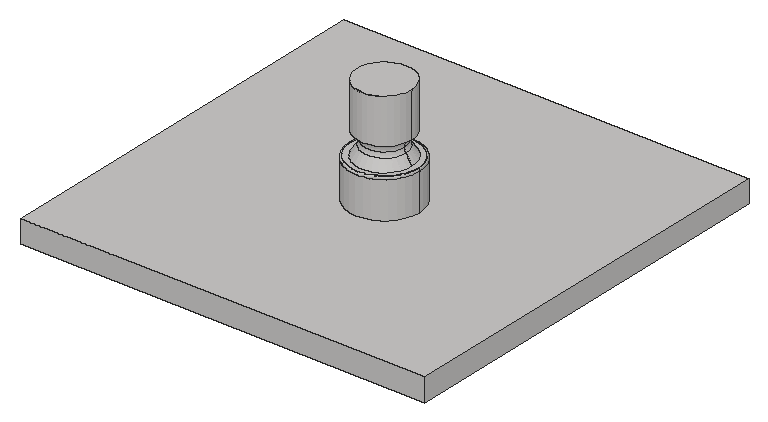
Revit family "S-2763", category Plumbing Fixtures, Revit 2023
Family settings
  Round Connector Dimension = Use Diameter
  Part Type = Normal
  OmniClass Number = 23.45.00.00
  OmniClass Title = Sanitary, Laundry, and Cleaning Equipment
  Work Plane-Based = No
  Enable Cutting in Views = No
  Always vertical = Yes
  Cut with Voids When Loaded = No
  Maintain Annotation Orientation = No
  Shared = No
  Room Calculation Point = No
Parameters
  Default Elevation = 0' - 0"
Reference planes (in)
  plane 1 "Center (Front/Back)": y = 0
  plane 2: z = 0
  plane 3 "Center (Left/Right)": x = 0
  plane 4: x = -3.875
  plane 5: x = 3.875
  plane 6: y = 3.875
  plane 7: y = -3.875
  plane 8: z = 0.4375
  plane 9: z = 2.48572
  plane 10: z = -0.13928
Forms (in)
  Extrusion 1, solid, material "Metal Silverr"
    sketch origin (0, 0, 0) x (1, 0, 0) y (0, 1, 0)
      loop
        line (-3.875, 3.875) -> (-3.875, -3.875) -> (3.875, -3.875) -> (3.875, 3.875) -> (-3.875, 3.875)
    from 0 to 0.4375
  Extrusion 2, solid, material "Metal Silverr"
    sketch origin (0, 0, 0) x (1, 0, 0) y (0, 1, 0)
      loop
        circle (0, 0) r 0.52384
    from 1.63174 to 2.48572
  Extrusion 3, solid, material "Metal Silverr"
    sketch origin (0, 0, 0) x (1, 0, 0) y (0, 1, 0)
      loop
        circle (0, 0) r 0.67342
    from 0.4375 to 1.14296
  Revolve 4, solid, not visible
    sketch origin (0, 3.56522, 0) x (1, 0, 0) y (0, 0, 1)
      loop
        line (-3.76066, 0) -> (-3.76066, -0.09196) -> (-3.72553, -0.09196) -> (-3.72553, -0.13928) -> (-3.68256, -0.13928) -> (-3.64675, -0.13928) -> (-3.64675, 0) -> (-3.76066, 0)
      axis (-3.64675, 0) -> (-3.64675, -0.13928)
    angle from 0 to 360
  Revolve 5, solid
    sketch origin (0.43895, 2.99433, 0) x (1, 0, 0) y (0, 0, 1)
      loop
        line (-3.76066, 0) -> (-3.76066, -0.09196) -> (-3.72553, -0.09196) -> (-3.72553, -0.13928) -> (-3.68256, -0.13928) -> (-3.64675, -0.13928) -> (-3.64675, 0) -> (-3.76066, 0)
      axis (-3.64675, 0) -> (-3.64675, -0.13928)
    angle from 0 to 360
  Revolve 6, solid
    sketch origin (6.83685, 2.99433, 0) x (1, 0, 0) y (0, 0, 1)
      loop
        line (-3.76066, 0) -> (-3.76066, -0.09196) -> (-3.72553, -0.09196) -> (-3.72553, -0.13928) -> (-3.68256, -0.13928) -> (-3.64675, -0.13928) -> (-3.64675, 0) -> (-3.76066, 0)
      axis (-3.64675, 0) -> (-3.64675, -0.13928)
    angle from 0 to 360
  Revolve 7, solid
    sketch origin (1.14983, 2.99433, 0) x (1, 0, 0) y (0, 0, 1)
      loop
        line (-3.76066, 0) -> (-3.76066, -0.09196) -> (-3.72553, -0.09196) -> (-3.72553, -0.13928) -> (-3.68256, -0.13928) -> (-3.64675, -0.13928) -> (-3.64675, 0) -> (-3.76066, 0)
      axis (-3.64675, 0) -> (-3.64675, -0.13928)
    angle from 0 to 360
  Revolve 8, solid
    sketch origin (1.86071, 2.99433, 0) x (1, 0, 0) y (0, 0, 1)
      loop
        line (-3.76066, 0) -> (-3.76066, -0.09196) -> (-3.72553, -0.09196) -> (-3.72553, -0.13928) -> (-3.68256, -0.13928) -> (-3.64675, -0.13928) -> (-3.64675, 0) -> (-3.76066, 0)
      axis (-3.64675, 0) -> (-3.64675, -0.13928)
    angle from 0 to 360
  Revolve 9, solid
    sketch origin (2.57158, 2.99433, 0) x (1, 0, 0) y (0, 0, 1)
      loop
        line (-3.76066, 0) -> (-3.76066, -0.09196) -> (-3.72553, -0.09196) -> (-3.72553, -0.13928) -> (-3.68256, -0.13928) -> (-3.64675, -0.13928) -> (-3.64675, 0) -> (-3.76066, 0)
      axis (-3.64675, 0) -> (-3.64675, -0.13928)
    angle from 0 to 360
  Revolve 10, solid
    sketch origin (3.28246, 2.99433, 0) x (1, 0, 0) y (0, 0, 1)
      loop
        line (-3.76066, 0) -> (-3.76066, -0.09196) -> (-3.72553, -0.09196) -> (-3.72553, -0.13928) -> (-3.68256, -0.13928) -> (-3.64675, -0.13928) -> (-3.64675, 0) -> (-3.76066, 0)
      axis (-3.64675, 0) -> (-3.64675, -0.13928)
    angle from 0 to 360
  Revolve 11, solid
    sketch origin (3.99334, 2.99433, 0) x (1, 0, 0) y (0, 0, 1)
      loop
        line (-3.76066, 0) -> (-3.76066, -0.09196) -> (-3.72553, -0.09196) -> (-3.72553, -0.13928) -> (-3.68256, -0.13928) -> (-3.64675, -0.13928) -> (-3.64675, 0) -> (-3.76066, 0)
      axis (-3.64675, 0) -> (-3.64675, -0.13928)
    angle from 0 to 360
  Revolve 12, solid
    sketch origin (4.70422, 2.99433, 0) x (1, 0, 0) y (0, 0, 1)
      loop
        line (-3.76066, 0) -> (-3.76066, -0.09196) -> (-3.72553, -0.09196) -> (-3.72553, -0.13928) -> (-3.68256, -0.13928) -> (-3.64675, -0.13928) -> (-3.64675, 0) -> (-3.76066, 0)
      axis (-3.64675, 0) -> (-3.64675, -0.13928)
    angle from 0 to 360
  Revolve 13, solid
    sketch origin (5.41509, 2.99433, 0) x (1, 0, 0) y (0, 0, 1)
      loop
        line (-3.76066, 0) -> (-3.76066, -0.09196) -> (-3.72553, -0.09196) -> (-3.72553, -0.13928) -> (-3.68256, -0.13928) -> (-3.64675, -0.13928) -> (-3.64675, 0) -> (-3.76066, 0)
      axis (-3.64675, 0) -> (-3.64675, -0.13928)
    angle from 0 to 360
  Revolve 14, solid
    sketch origin (6.12597, 2.99433, 0) x (1, 0, 0) y (0, 0, 1)
      loop
        line (-3.76066, 0) -> (-3.76066, -0.09196) -> (-3.72553, -0.09196) -> (-3.72553, -0.13928) -> (-3.68256, -0.13928) -> (-3.64675, -0.13928) -> (-3.64675, 0) -> (-3.76066, 0)
      axis (-3.64675, 0) -> (-3.64675, -0.13928)
    angle from 0 to 360
  Revolve 15, solid, not visible
    sketch origin (0.43895, 2.99433, 0) x (1, 0, 0) y (0, 0, 1)
      loop
        line (-3.76066, 0) -> (-3.76066, -0.09196) -> (-3.72553, -0.09196) -> (-3.72553, -0.13928) -> (-3.68256, -0.13928) -> (-3.64675, -0.13928) -> (-3.64675, 0) -> (-3.76066, 0)
      axis (-3.64675, 0) -> (-3.64675, -0.13928)
    angle from 0 to 360
  Revolve 16, solid
    sketch origin (0.43895, -3.09652, 0) x (1, 0, 0) y (0, 0, 1)
      loop
        line (-3.76066, 0) -> (-3.76066, -0.09196) -> (-3.72553, -0.09196) -> (-3.72553, -0.13928) -> (-3.68256, -0.13928) -> (-3.64675, -0.13928) -> (-3.64675, 0) -> (-3.76066, 0)
      axis (-3.64675, 0) -> (-3.64675, -0.13928)
    angle from 0 to 360
  Revolve 17, solid
    sketch origin (6.83685, -3.09652, 0) x (1, 0, 0) y (0, 0, 1)
      loop
        line (-3.76066, 0) -> (-3.76066, -0.09196) -> (-3.72553, -0.09196) -> (-3.72553, -0.13928) -> (-3.68256, -0.13928) -> (-3.64675, -0.13928) -> (-3.64675, 0) -> (-3.76066, 0)
      axis (-3.64675, 0) -> (-3.64675, -0.13928)
    angle from 0 to 360
  Revolve 18, solid
    sketch origin (1.14983, -3.09652, 0) x (1, 0, 0) y (0, 0, 1)
      loop
        line (-3.76066, 0) -> (-3.76066, -0.09196) -> (-3.72553, -0.09196) -> (-3.72553, -0.13928) -> (-3.68256, -0.13928) -> (-3.64675, -0.13928) -> (-3.64675, 0) -> (-3.76066, 0)
      axis (-3.64675, 0) -> (-3.64675, -0.13928)
    angle from 0 to 360
  Revolve 19, solid
    sketch origin (1.86071, -3.09652, 0) x (1, 0, 0) y (0, 0, 1)
      loop
        line (-3.76066, 0) -> (-3.76066, -0.09196) -> (-3.72553, -0.09196) -> (-3.72553, -0.13928) -> (-3.68256, -0.13928) -> (-3.64675, -0.13928) -> (-3.64675, 0) -> (-3.76066, 0)
      axis (-3.64675, 0) -> (-3.64675, -0.13928)
    angle from 0 to 360
  Revolve 20, solid
    sketch origin (2.57158, -3.09652, 0) x (1, 0, 0) y (0, 0, 1)
      loop
        line (-3.76066, 0) -> (-3.76066, -0.09196) -> (-3.72553, -0.09196) -> (-3.72553, -0.13928) -> (-3.68256, -0.13928) -> (-3.64675, -0.13928) -> (-3.64675, 0) -> (-3.76066, 0)
      axis (-3.64675, 0) -> (-3.64675, -0.13928)
    angle from 0 to 360
  Revolve 21, solid
    sketch origin (3.28246, -3.09652, 0) x (1, 0, 0) y (0, 0, 1)
      loop
        line (-3.76066, 0) -> (-3.76066, -0.09196) -> (-3.72553, -0.09196) -> (-3.72553, -0.13928) -> (-3.68256, -0.13928) -> (-3.64675, -0.13928) -> (-3.64675, 0) -> (-3.76066, 0)
      axis (-3.64675, 0) -> (-3.64675, -0.13928)
    angle from 0 to 360
  Revolve 22, solid
    sketch origin (3.99334, -3.09652, 0) x (1, 0, 0) y (0, 0, 1)
      loop
        line (-3.76066, 0) -> (-3.76066, -0.09196) -> (-3.72553, -0.09196) -> (-3.72553, -0.13928) -> (-3.68256, -0.13928) -> (-3.64675, -0.13928) -> (-3.64675, 0) -> (-3.76066, 0)
      axis (-3.64675, 0) -> (-3.64675, -0.13928)
    angle from 0 to 360
  Revolve 23, solid
    sketch origin (4.70422, -3.09652, 0) x (1, 0, 0) y (0, 0, 1)
      loop
        line (-3.76066, 0) -> (-3.76066, -0.09196) -> (-3.72553, -0.09196) -> (-3.72553, -0.13928) -> (-3.68256, -0.13928) -> (-3.64675, -0.13928) -> (-3.64675, 0) -> (-3.76066, 0)
      axis (-3.64675, 0) -> (-3.64675, -0.13928)
    angle from 0 to 360
  Revolve 24, solid
    sketch origin (5.41509, -3.09652, 0) x (1, 0, 0) y (0, 0, 1)
      loop
        line (-3.76066, 0) -> (-3.76066, -0.09196) -> (-3.72553, -0.09196) -> (-3.72553, -0.13928) -> (-3.68256, -0.13928) -> (-3.64675, -0.13928) -> (-3.64675, 0) -> (-3.76066, 0)
      axis (-3.64675, 0) -> (-3.64675, -0.13928)
    angle from 0 to 360
  Revolve 25, solid
    sketch origin (6.12597, -3.09652, 0) x (1, 0, 0) y (0, 0, 1)
      loop
        line (-3.76066, 0) -> (-3.76066, -0.09196) -> (-3.72553, -0.09196) -> (-3.72553, -0.13928) -> (-3.68256, -0.13928) -> (-3.64675, -0.13928) -> (-3.64675, 0) -> (-3.76066, 0)
      axis (-3.64675, 0) -> (-3.64675, -0.13928)
    angle from 0 to 360
  Revolve 26, solid
    sketch origin (0.43895, 2.31757, 0) x (1, 0, 0) y (0, 0, 1)
      loop
        line (-3.76066, 0) -> (-3.76066, -0.09196) -> (-3.72553, -0.09196) -> (-3.72553, -0.13928) -> (-3.68256, -0.13928) -> (-3.64675, -0.13928) -> (-3.64675, 0) -> (-3.76066, 0)
      axis (-3.64675, 0) -> (-3.64675, -0.13928)
    angle from 0 to 360
  Revolve 27, solid
    sketch origin (6.83685, 2.31757, 0) x (1, 0, 0) y (0, 0, 1)
      loop
        line (-3.76066, 0) -> (-3.76066, -0.09196) -> (-3.72553, -0.09196) -> (-3.72553, -0.13928) -> (-3.68256, -0.13928) -> (-3.64675, -0.13928) -> (-3.64675, 0) -> (-3.76066, 0)
      axis (-3.64675, 0) -> (-3.64675, -0.13928)
    angle from 0 to 360
  Revolve 28, solid
    sketch origin (1.14983, 2.31757, 0) x (1, 0, 0) y (0, 0, 1)
      loop
        line (-3.76066, 0) -> (-3.76066, -0.09196) -> (-3.72553, -0.09196) -> (-3.72553, -0.13928) -> (-3.68256, -0.13928) -> (-3.64675, -0.13928) -> (-3.64675, 0) -> (-3.76066, 0)
      axis (-3.64675, 0) -> (-3.64675, -0.13928)
    angle from 0 to 360
  Revolve 29, solid
    sketch origin (1.86071, 2.31757, 0) x (1, 0, 0) y (0, 0, 1)
      loop
        line (-3.76066, 0) -> (-3.76066, -0.09196) -> (-3.72553, -0.09196) -> (-3.72553, -0.13928) -> (-3.68256, -0.13928) -> (-3.64675, -0.13928) -> (-3.64675, 0) -> (-3.76066, 0)
      axis (-3.64675, 0) -> (-3.64675, -0.13928)
    angle from 0 to 360
  Revolve 30, solid
    sketch origin (2.57158, 2.31757, 0) x (1, 0, 0) y (0, 0, 1)
      loop
        line (-3.76066, 0) -> (-3.76066, -0.09196) -> (-3.72553, -0.09196) -> (-3.72553, -0.13928) -> (-3.68256, -0.13928) -> (-3.64675, -0.13928) -> (-3.64675, 0) -> (-3.76066, 0)
      axis (-3.64675, 0) -> (-3.64675, -0.13928)
    angle from 0 to 360
  Revolve 31, solid
    sketch origin (3.28246, 2.31757, 0) x (1, 0, 0) y (0, 0, 1)
      loop
        line (-3.76066, 0) -> (-3.76066, -0.09196) -> (-3.72553, -0.09196) -> (-3.72553, -0.13928) -> (-3.68256, -0.13928) -> (-3.64675, -0.13928) -> (-3.64675, 0) -> (-3.76066, 0)
      axis (-3.64675, 0) -> (-3.64675, -0.13928)
    angle from 0 to 360
  Revolve 32, solid
    sketch origin (3.99334, 2.31757, 0) x (1, 0, 0) y (0, 0, 1)
      loop
        line (-3.76066, 0) -> (-3.76066, -0.09196) -> (-3.72553, -0.09196) -> (-3.72553, -0.13928) -> (-3.68256, -0.13928) -> (-3.64675, -0.13928) -> (-3.64675, 0) -> (-3.76066, 0)
      axis (-3.64675, 0) -> (-3.64675, -0.13928)
    angle from 0 to 360
  Revolve 33, solid
    sketch origin (4.70422, 2.31757, 0) x (1, 0, 0) y (0, 0, 1)
      loop
        line (-3.76066, 0) -> (-3.76066, -0.09196) -> (-3.72553, -0.09196) -> (-3.72553, -0.13928) -> (-3.68256, -0.13928) -> (-3.64675, -0.13928) -> (-3.64675, 0) -> (-3.76066, 0)
      axis (-3.64675, 0) -> (-3.64675, -0.13928)
    angle from 0 to 360
  Revolve 34, solid
    sketch origin (5.41509, 2.31757, 0) x (1, 0, 0) y (0, 0, 1)
      loop
        line (-3.76066, 0) -> (-3.76066, -0.09196) -> (-3.72553, -0.09196) -> (-3.72553, -0.13928) -> (-3.68256, -0.13928) -> (-3.64675, -0.13928) -> (-3.64675, 0) -> (-3.76066, 0)
      axis (-3.64675, 0) -> (-3.64675, -0.13928)
    angle from 0 to 360
  Revolve 35, solid
    sketch origin (6.12597, 2.31757, 0) x (1, 0, 0) y (0, 0, 1)
      loop
        line (-3.76066, 0) -> (-3.76066, -0.09196) -> (-3.72553, -0.09196) -> (-3.72553, -0.13928) -> (-3.68256, -0.13928) -> (-3.64675, -0.13928) -> (-3.64675, 0) -> (-3.76066, 0)
      axis (-3.64675, 0) -> (-3.64675, -0.13928)
    angle from 0 to 360
  Revolve 36, solid
    sketch origin (0.43895, 1.64081, 0) x (1, 0, 0) y (0, 0, 1)
      loop
        line (-3.76066, 0) -> (-3.76066, -0.09196) -> (-3.72553, -0.09196) -> (-3.72553, -0.13928) -> (-3.68256, -0.13928) -> (-3.64675, -0.13928) -> (-3.64675, 0) -> (-3.76066, 0)
      axis (-3.64675, 0) -> (-3.64675, -0.13928)
    angle from 0 to 360
  Revolve 37, solid
    sketch origin (6.83685, 1.64081, 0) x (1, 0, 0) y (0, 0, 1)
      loop
        line (-3.76066, 0) -> (-3.76066, -0.09196) -> (-3.72553, -0.09196) -> (-3.72553, -0.13928) -> (-3.68256, -0.13928) -> (-3.64675, -0.13928) -> (-3.64675, 0) -> (-3.76066, 0)
      axis (-3.64675, 0) -> (-3.64675, -0.13928)
    angle from 0 to 360
  Revolve 38, solid
    sketch origin (1.14983, 1.64081, 0) x (1, 0, 0) y (0, 0, 1)
      loop
        line (-3.76066, 0) -> (-3.76066, -0.09196) -> (-3.72553, -0.09196) -> (-3.72553, -0.13928) -> (-3.68256, -0.13928) -> (-3.64675, -0.13928) -> (-3.64675, 0) -> (-3.76066, 0)
      axis (-3.64675, 0) -> (-3.64675, -0.13928)
    angle from 0 to 360
  Revolve 39, solid
    sketch origin (1.86071, 1.64081, 0) x (1, 0, 0) y (0, 0, 1)
      loop
        line (-3.76066, 0) -> (-3.76066, -0.09196) -> (-3.72553, -0.09196) -> (-3.72553, -0.13928) -> (-3.68256, -0.13928) -> (-3.64675, -0.13928) -> (-3.64675, 0) -> (-3.76066, 0)
      axis (-3.64675, 0) -> (-3.64675, -0.13928)
    angle from 0 to 360
  Revolve 40, solid
    sketch origin (2.57158, 1.64081, 0) x (1, 0, 0) y (0, 0, 1)
      loop
        line (-3.76066, 0) -> (-3.76066, -0.09196) -> (-3.72553, -0.09196) -> (-3.72553, -0.13928) -> (-3.68256, -0.13928) -> (-3.64675, -0.13928) -> (-3.64675, 0) -> (-3.76066, 0)
      axis (-3.64675, 0) -> (-3.64675, -0.13928)
    angle from 0 to 360
  Revolve 41, solid
    sketch origin (3.28246, 1.64081, 0) x (1, 0, 0) y (0, 0, 1)
      loop
        line (-3.76066, 0) -> (-3.76066, -0.09196) -> (-3.72553, -0.09196) -> (-3.72553, -0.13928) -> (-3.68256, -0.13928) -> (-3.64675, -0.13928) -> (-3.64675, 0) -> (-3.76066, 0)
      axis (-3.64675, 0) -> (-3.64675, -0.13928)
    angle from 0 to 360
  Revolve 42, solid
    sketch origin (3.99334, 1.64081, 0) x (1, 0, 0) y (0, 0, 1)
      loop
        line (-3.76066, 0) -> (-3.76066, -0.09196) -> (-3.72553, -0.09196) -> (-3.72553, -0.13928) -> (-3.68256, -0.13928) -> (-3.64675, -0.13928) -> (-3.64675, 0) -> (-3.76066, 0)
      axis (-3.64675, 0) -> (-3.64675, -0.13928)
    angle from 0 to 360
  Revolve 43, solid
    sketch origin (4.70422, 1.64081, 0) x (1, 0, 0) y (0, 0, 1)
      loop
        line (-3.76066, 0) -> (-3.76066, -0.09196) -> (-3.72553, -0.09196) -> (-3.72553, -0.13928) -> (-3.68256, -0.13928) -> (-3.64675, -0.13928) -> (-3.64675, 0) -> (-3.76066, 0)
      axis (-3.64675, 0) -> (-3.64675, -0.13928)
    angle from 0 to 360
  Revolve 44, solid
    sketch origin (5.41509, 1.64081, 0) x (1, 0, 0) y (0, 0, 1)
      loop
        line (-3.76066, 0) -> (-3.76066, -0.09196) -> (-3.72553, -0.09196) -> (-3.72553, -0.13928) -> (-3.68256, -0.13928) -> (-3.64675, -0.13928) -> (-3.64675, 0) -> (-3.76066, 0)
      axis (-3.64675, 0) -> (-3.64675, -0.13928)
    angle from 0 to 360
  Revolve 45, solid
    sketch origin (6.12597, 1.64081, 0) x (1, 0, 0) y (0, 0, 1)
      loop
        line (-3.76066, 0) -> (-3.76066, -0.09196) -> (-3.72553, -0.09196) -> (-3.72553, -0.13928) -> (-3.68256, -0.13928) -> (-3.64675, -0.13928) -> (-3.64675, 0) -> (-3.76066, 0)
      axis (-3.64675, 0) -> (-3.64675, -0.13928)
    angle from 0 to 360
  Revolve 46, solid
    sketch origin (0.43895, 0.96405, 0) x (1, 0, 0) y (0, 0, 1)
      loop
        line (-3.76066, 0) -> (-3.76066, -0.09196) -> (-3.72553, -0.09196) -> (-3.72553, -0.13928) -> (-3.68256, -0.13928) -> (-3.64675, -0.13928) -> (-3.64675, 0) -> (-3.76066, 0)
      axis (-3.64675, 0) -> (-3.64675, -0.13928)
    angle from 0 to 360
  Revolve 47, solid
    sketch origin (6.83685, 0.96405, 0) x (1, 0, 0) y (0, 0, 1)
      loop
        line (-3.76066, 0) -> (-3.76066, -0.09196) -> (-3.72553, -0.09196) -> (-3.72553, -0.13928) -> (-3.68256, -0.13928) -> (-3.64675, -0.13928) -> (-3.64675, 0) -> (-3.76066, 0)
      axis (-3.64675, 0) -> (-3.64675, -0.13928)
    angle from 0 to 360
  Revolve 48, solid
    sketch origin (1.14983, 0.96405, 0) x (1, 0, 0) y (0, 0, 1)
      loop
        line (-3.76066, 0) -> (-3.76066, -0.09196) -> (-3.72553, -0.09196) -> (-3.72553, -0.13928) -> (-3.68256, -0.13928) -> (-3.64675, -0.13928) -> (-3.64675, 0) -> (-3.76066, 0)
      axis (-3.64675, 0) -> (-3.64675, -0.13928)
    angle from 0 to 360
  Revolve 49, solid
    sketch origin (1.86071, 0.96405, 0) x (1, 0, 0) y (0, 0, 1)
      loop
        line (-3.76066, 0) -> (-3.76066, -0.09196) -> (-3.72553, -0.09196) -> (-3.72553, -0.13928) -> (-3.68256, -0.13928) -> (-3.64675, -0.13928) -> (-3.64675, 0) -> (-3.76066, 0)
      axis (-3.64675, 0) -> (-3.64675, -0.13928)
    angle from 0 to 360
  Revolve 50, solid
    sketch origin (2.57158, 0.96405, 0) x (1, 0, 0) y (0, 0, 1)
      loop
        line (-3.76066, 0) -> (-3.76066, -0.09196) -> (-3.72553, -0.09196) -> (-3.72553, -0.13928) -> (-3.68256, -0.13928) -> (-3.64675, -0.13928) -> (-3.64675, 0) -> (-3.76066, 0)
      axis (-3.64675, 0) -> (-3.64675, -0.13928)
    angle from 0 to 360
  Revolve 51, solid
    sketch origin (3.28246, 0.96405, 0) x (1, 0, 0) y (0, 0, 1)
      loop
        line (-3.76066, 0) -> (-3.76066, -0.09196) -> (-3.72553, -0.09196) -> (-3.72553, -0.13928) -> (-3.68256, -0.13928) -> (-3.64675, -0.13928) -> (-3.64675, 0) -> (-3.76066, 0)
      axis (-3.64675, 0) -> (-3.64675, -0.13928)
    angle from 0 to 360
  Revolve 52, solid
    sketch origin (3.99334, 0.96405, 0) x (1, 0, 0) y (0, 0, 1)
      loop
        line (-3.76066, 0) -> (-3.76066, -0.09196) -> (-3.72553, -0.09196) -> (-3.72553, -0.13928) -> (-3.68256, -0.13928) -> (-3.64675, -0.13928) -> (-3.64675, 0) -> (-3.76066, 0)
      axis (-3.64675, 0) -> (-3.64675, -0.13928)
    angle from 0 to 360
  Revolve 53, solid
    sketch origin (4.70422, 0.96405, 0) x (1, 0, 0) y (0, 0, 1)
      loop
        line (-3.76066, 0) -> (-3.76066, -0.09196) -> (-3.72553, -0.09196) -> (-3.72553, -0.13928) -> (-3.68256, -0.13928) -> (-3.64675, -0.13928) -> (-3.64675, 0) -> (-3.76066, 0)
      axis (-3.64675, 0) -> (-3.64675, -0.13928)
    angle from 0 to 360
  Revolve 54, solid
    sketch origin (5.41509, 0.96405, 0) x (1, 0, 0) y (0, 0, 1)
      loop
        line (-3.76066, 0) -> (-3.76066, -0.09196) -> (-3.72553, -0.09196) -> (-3.72553, -0.13928) -> (-3.68256, -0.13928) -> (-3.64675, -0.13928) -> (-3.64675, 0) -> (-3.76066, 0)
      axis (-3.64675, 0) -> (-3.64675, -0.13928)
    angle from 0 to 360
  Revolve 55, solid
    sketch origin (6.12597, 0.96405, 0) x (1, 0, 0) y (0, 0, 1)
      loop
        line (-3.76066, 0) -> (-3.76066, -0.09196) -> (-3.72553, -0.09196) -> (-3.72553, -0.13928) -> (-3.68256, -0.13928) -> (-3.64675, -0.13928) -> (-3.64675, 0) -> (-3.76066, 0)
      axis (-3.64675, 0) -> (-3.64675, -0.13928)
    angle from 0 to 360
  Revolve 56, solid
    sketch origin (0.43895, 0.28729, 0) x (1, 0, 0) y (0, 0, 1)
      loop
        line (-3.76066, 0) -> (-3.76066, -0.09196) -> (-3.72553, -0.09196) -> (-3.72553, -0.13928) -> (-3.68256, -0.13928) -> (-3.64675, -0.13928) -> (-3.64675, 0) -> (-3.76066, 0)
      axis (-3.64675, 0) -> (-3.64675, -0.13928)
    angle from 0 to 360
  Revolve 57, solid
    sketch origin (6.83685, 0.28729, 0) x (1, 0, 0) y (0, 0, 1)
      loop
        line (-3.76066, 0) -> (-3.76066, -0.09196) -> (-3.72553, -0.09196) -> (-3.72553, -0.13928) -> (-3.68256, -0.13928) -> (-3.64675, -0.13928) -> (-3.64675, 0) -> (-3.76066, 0)
      axis (-3.64675, 0) -> (-3.64675, -0.13928)
    angle from 0 to 360
  Revolve 58, solid
    sketch origin (1.14983, 0.28729, 0) x (1, 0, 0) y (0, 0, 1)
      loop
        line (-3.76066, 0) -> (-3.76066, -0.09196) -> (-3.72553, -0.09196) -> (-3.72553, -0.13928) -> (-3.68256, -0.13928) -> (-3.64675, -0.13928) -> (-3.64675, 0) -> (-3.76066, 0)
      axis (-3.64675, 0) -> (-3.64675, -0.13928)
    angle from 0 to 360
  Revolve 59, solid
    sketch origin (1.86071, 0.28729, 0) x (1, 0, 0) y (0, 0, 1)
      loop
        line (-3.76066, 0) -> (-3.76066, -0.09196) -> (-3.72553, -0.09196) -> (-3.72553, -0.13928) -> (-3.68256, -0.13928) -> (-3.64675, -0.13928) -> (-3.64675, 0) -> (-3.76066, 0)
      axis (-3.64675, 0) -> (-3.64675, -0.13928)
    angle from 0 to 360
  Revolve 60, solid
    sketch origin (2.57158, 0.28729, 0) x (1, 0, 0) y (0, 0, 1)
      loop
        line (-3.76066, 0) -> (-3.76066, -0.09196) -> (-3.72553, -0.09196) -> (-3.72553, -0.13928) -> (-3.68256, -0.13928) -> (-3.64675, -0.13928) -> (-3.64675, 0) -> (-3.76066, 0)
      axis (-3.64675, 0) -> (-3.64675, -0.13928)
    angle from 0 to 360
  Revolve 61, solid
    sketch origin (3.28246, 0.28729, 0) x (1, 0, 0) y (0, 0, 1)
      loop
        line (-3.76066, 0) -> (-3.76066, -0.09196) -> (-3.72553, -0.09196) -> (-3.72553, -0.13928) -> (-3.68256, -0.13928) -> (-3.64675, -0.13928) -> (-3.64675, 0) -> (-3.76066, 0)
      axis (-3.64675, 0) -> (-3.64675, -0.13928)
    angle from 0 to 360
  Revolve 62, solid
    sketch origin (3.99334, 0.28729, 0) x (1, 0, 0) y (0, 0, 1)
      loop
        line (-3.76066, 0) -> (-3.76066, -0.09196) -> (-3.72553, -0.09196) -> (-3.72553, -0.13928) -> (-3.68256, -0.13928) -> (-3.64675, -0.13928) -> (-3.64675, 0) -> (-3.76066, 0)
      axis (-3.64675, 0) -> (-3.64675, -0.13928)
    angle from 0 to 360
  Revolve 63, solid
    sketch origin (4.70422, 0.28729, 0) x (1, 0, 0) y (0, 0, 1)
      loop
        line (-3.76066, 0) -> (-3.76066, -0.09196) -> (-3.72553, -0.09196) -> (-3.72553, -0.13928) -> (-3.68256, -0.13928) -> (-3.64675, -0.13928) -> (-3.64675, 0) -> (-3.76066, 0)
      axis (-3.64675, 0) -> (-3.64675, -0.13928)
    angle from 0 to 360
  Revolve 64, solid
    sketch origin (5.41509, 0.28729, 0) x (1, 0, 0) y (0, 0, 1)
      loop
        line (-3.76066, 0) -> (-3.76066, -0.09196) -> (-3.72553, -0.09196) -> (-3.72553, -0.13928) -> (-3.68256, -0.13928) -> (-3.64675, -0.13928) -> (-3.64675, 0) -> (-3.76066, 0)
      axis (-3.64675, 0) -> (-3.64675, -0.13928)
    angle from 0 to 360
  Revolve 65, solid
    sketch origin (6.12597, 0.28729, 0) x (1, 0, 0) y (0, 0, 1)
      loop
        line (-3.76066, 0) -> (-3.76066, -0.09196) -> (-3.72553, -0.09196) -> (-3.72553, -0.13928) -> (-3.68256, -0.13928) -> (-3.64675, -0.13928) -> (-3.64675, 0) -> (-3.76066, 0)
      axis (-3.64675, 0) -> (-3.64675, -0.13928)
    angle from 0 to 360
  Revolve 66, solid
    sketch origin (0.43895, -0.38948, 0) x (1, 0, 0) y (0, 0, 1)
      loop
        line (-3.76066, 0) -> (-3.76066, -0.09196) -> (-3.72553, -0.09196) -> (-3.72553, -0.13928) -> (-3.68256, -0.13928) -> (-3.64675, -0.13928) -> (-3.64675, 0) -> (-3.76066, 0)
      axis (-3.64675, 0) -> (-3.64675, -0.13928)
    angle from 0 to 360
  Revolve 67, solid
    sketch origin (6.83685, -0.38948, 0) x (1, 0, 0) y (0, 0, 1)
      loop
        line (-3.76066, 0) -> (-3.76066, -0.09196) -> (-3.72553, -0.09196) -> (-3.72553, -0.13928) -> (-3.68256, -0.13928) -> (-3.64675, -0.13928) -> (-3.64675, 0) -> (-3.76066, 0)
      axis (-3.64675, 0) -> (-3.64675, -0.13928)
    angle from 0 to 360
  Revolve 68, solid
    sketch origin (1.14983, -0.38948, 0) x (1, 0, 0) y (0, 0, 1)
      loop
        line (-3.76066, 0) -> (-3.76066, -0.09196) -> (-3.72553, -0.09196) -> (-3.72553, -0.13928) -> (-3.68256, -0.13928) -> (-3.64675, -0.13928) -> (-3.64675, 0) -> (-3.76066, 0)
      axis (-3.64675, 0) -> (-3.64675, -0.13928)
    angle from 0 to 360
  Revolve 69, solid
    sketch origin (1.86071, -0.38948, 0) x (1, 0, 0) y (0, 0, 1)
      loop
        line (-3.76066, 0) -> (-3.76066, -0.09196) -> (-3.72553, -0.09196) -> (-3.72553, -0.13928) -> (-3.68256, -0.13928) -> (-3.64675, -0.13928) -> (-3.64675, 0) -> (-3.76066, 0)
      axis (-3.64675, 0) -> (-3.64675, -0.13928)
    angle from 0 to 360
  Revolve 70, solid
    sketch origin (2.57158, -0.38948, 0) x (1, 0, 0) y (0, 0, 1)
      loop
        line (-3.76066, 0) -> (-3.76066, -0.09196) -> (-3.72553, -0.09196) -> (-3.72553, -0.13928) -> (-3.68256, -0.13928) -> (-3.64675, -0.13928) -> (-3.64675, 0) -> (-3.76066, 0)
      axis (-3.64675, 0) -> (-3.64675, -0.13928)
    angle from 0 to 360
  Revolve 71, solid
    sketch origin (3.28246, -0.38948, 0) x (1, 0, 0) y (0, 0, 1)
      loop
        line (-3.76066, 0) -> (-3.76066, -0.09196) -> (-3.72553, -0.09196) -> (-3.72553, -0.13928) -> (-3.68256, -0.13928) -> (-3.64675, -0.13928) -> (-3.64675, 0) -> (-3.76066, 0)
      axis (-3.64675, 0) -> (-3.64675, -0.13928)
    angle from 0 to 360
  Revolve 72, solid
    sketch origin (3.99334, -0.38948, 0) x (1, 0, 0) y (0, 0, 1)
      loop
        line (-3.76066, 0) -> (-3.76066, -0.09196) -> (-3.72553, -0.09196) -> (-3.72553, -0.13928) -> (-3.68256, -0.13928) -> (-3.64675, -0.13928) -> (-3.64675, 0) -> (-3.76066, 0)
      axis (-3.64675, 0) -> (-3.64675, -0.13928)
    angle from 0 to 360
  Revolve 73, solid
    sketch origin (4.70422, -0.38948, 0) x (1, 0, 0) y (0, 0, 1)
      loop
        line (-3.76066, 0) -> (-3.76066, -0.09196) -> (-3.72553, -0.09196) -> (-3.72553, -0.13928) -> (-3.68256, -0.13928) -> (-3.64675, -0.13928) -> (-3.64675, 0) -> (-3.76066, 0)
      axis (-3.64675, 0) -> (-3.64675, -0.13928)
    angle from 0 to 360
  Revolve 74, solid
    sketch origin (5.41509, -0.38948, 0) x (1, 0, 0) y (0, 0, 1)
      loop
        line (-3.76066, 0) -> (-3.76066, -0.09196) -> (-3.72553, -0.09196) -> (-3.72553, -0.13928) -> (-3.68256, -0.13928) -> (-3.64675, -0.13928) -> (-3.64675, 0) -> (-3.76066, 0)
      axis (-3.64675, 0) -> (-3.64675, -0.13928)
    angle from 0 to 360
  Revolve 75, solid
    sketch origin (6.12597, -0.38948, 0) x (1, 0, 0) y (0, 0, 1)
      loop
        line (-3.76066, 0) -> (-3.76066, -0.09196) -> (-3.72553, -0.09196) -> (-3.72553, -0.13928) -> (-3.68256, -0.13928) -> (-3.64675, -0.13928) -> (-3.64675, 0) -> (-3.76066, 0)
      axis (-3.64675, 0) -> (-3.64675, -0.13928)
    angle from 0 to 360
  Revolve 76, solid
    sketch origin (0.43895, -1.06624, 0) x (1, 0, 0) y (0, 0, 1)
      loop
        line (-3.76066, 0) -> (-3.76066, -0.09196) -> (-3.72553, -0.09196) -> (-3.72553, -0.13928) -> (-3.68256, -0.13928) -> (-3.64675, -0.13928) -> (-3.64675, 0) -> (-3.76066, 0)
      axis (-3.64675, 0) -> (-3.64675, -0.13928)
    angle from 0 to 360
  Revolve 77, solid
    sketch origin (6.83685, -1.06624, 0) x (1, 0, 0) y (0, 0, 1)
      loop
        line (-3.76066, 0) -> (-3.76066, -0.09196) -> (-3.72553, -0.09196) -> (-3.72553, -0.13928) -> (-3.68256, -0.13928) -> (-3.64675, -0.13928) -> (-3.64675, 0) -> (-3.76066, 0)
      axis (-3.64675, 0) -> (-3.64675, -0.13928)
    angle from 0 to 360
  Revolve 78, solid
    sketch origin (1.14983, -1.06624, 0) x (1, 0, 0) y (0, 0, 1)
      loop
        line (-3.76066, 0) -> (-3.76066, -0.09196) -> (-3.72553, -0.09196) -> (-3.72553, -0.13928) -> (-3.68256, -0.13928) -> (-3.64675, -0.13928) -> (-3.64675, 0) -> (-3.76066, 0)
      axis (-3.64675, 0) -> (-3.64675, -0.13928)
    angle from 0 to 360
  Revolve 79, solid
    sketch origin (1.86071, -1.06624, 0) x (1, 0, 0) y (0, 0, 1)
      loop
        line (-3.76066, 0) -> (-3.76066, -0.09196) -> (-3.72553, -0.09196) -> (-3.72553, -0.13928) -> (-3.68256, -0.13928) -> (-3.64675, -0.13928) -> (-3.64675, 0) -> (-3.76066, 0)
      axis (-3.64675, 0) -> (-3.64675, -0.13928)
    angle from 0 to 360
  Revolve 80, solid
    sketch origin (2.57158, -1.06624, 0) x (1, 0, 0) y (0, 0, 1)
      loop
        line (-3.76066, 0) -> (-3.76066, -0.09196) -> (-3.72553, -0.09196) -> (-3.72553, -0.13928) -> (-3.68256, -0.13928) -> (-3.64675, -0.13928) -> (-3.64675, 0) -> (-3.76066, 0)
      axis (-3.64675, 0) -> (-3.64675, -0.13928)
    angle from 0 to 360
  Revolve 81, solid
    sketch origin (3.28246, -1.06624, 0) x (1, 0, 0) y (0, 0, 1)
      loop
        line (-3.76066, 0) -> (-3.76066, -0.09196) -> (-3.72553, -0.09196) -> (-3.72553, -0.13928) -> (-3.68256, -0.13928) -> (-3.64675, -0.13928) -> (-3.64675, 0) -> (-3.76066, 0)
      axis (-3.64675, 0) -> (-3.64675, -0.13928)
    angle from 0 to 360
  Revolve 82, solid
    sketch origin (3.99334, -1.06624, 0) x (1, 0, 0) y (0, 0, 1)
      loop
        line (-3.76066, 0) -> (-3.76066, -0.09196) -> (-3.72553, -0.09196) -> (-3.72553, -0.13928) -> (-3.68256, -0.13928) -> (-3.64675, -0.13928) -> (-3.64675, 0) -> (-3.76066, 0)
      axis (-3.64675, 0) -> (-3.64675, -0.13928)
    angle from 0 to 360
  Revolve 83, solid
    sketch origin (4.70422, -1.06624, 0) x (1, 0, 0) y (0, 0, 1)
      loop
        line (-3.76066, 0) -> (-3.76066, -0.09196) -> (-3.72553, -0.09196) -> (-3.72553, -0.13928) -> (-3.68256, -0.13928) -> (-3.64675, -0.13928) -> (-3.64675, 0) -> (-3.76066, 0)
      axis (-3.64675, 0) -> (-3.64675, -0.13928)
    angle from 0 to 360
  Revolve 84, solid
    sketch origin (5.41509, -1.06624, 0) x (1, 0, 0) y (0, 0, 1)
      loop
        line (-3.76066, 0) -> (-3.76066, -0.09196) -> (-3.72553, -0.09196) -> (-3.72553, -0.13928) -> (-3.68256, -0.13928) -> (-3.64675, -0.13928) -> (-3.64675, 0) -> (-3.76066, 0)
      axis (-3.64675, 0) -> (-3.64675, -0.13928)
    angle from 0 to 360
  Revolve 85, solid
    sketch origin (6.12597, -1.06624, 0) x (1, 0, 0) y (0, 0, 1)
      loop
        line (-3.76066, 0) -> (-3.76066, -0.09196) -> (-3.72553, -0.09196) -> (-3.72553, -0.13928) -> (-3.68256, -0.13928) -> (-3.64675, -0.13928) -> (-3.64675, 0) -> (-3.76066, 0)
      axis (-3.64675, 0) -> (-3.64675, -0.13928)
    angle from 0 to 360
  Revolve 86, solid
    sketch origin (0.43895, -1.743, 0) x (1, 0, 0) y (0, 0, 1)
      loop
        line (-3.76066, 0) -> (-3.76066, -0.09196) -> (-3.72553, -0.09196) -> (-3.72553, -0.13928) -> (-3.68256, -0.13928) -> (-3.64675, -0.13928) -> (-3.64675, 0) -> (-3.76066, 0)
      axis (-3.64675, 0) -> (-3.64675, -0.13928)
    angle from 0 to 360
  Revolve 87, solid
    sketch origin (6.83685, -1.743, 0) x (1, 0, 0) y (0, 0, 1)
      loop
        line (-3.76066, 0) -> (-3.76066, -0.09196) -> (-3.72553, -0.09196) -> (-3.72553, -0.13928) -> (-3.68256, -0.13928) -> (-3.64675, -0.13928) -> (-3.64675, 0) -> (-3.76066, 0)
      axis (-3.64675, 0) -> (-3.64675, -0.13928)
    angle from 0 to 360
  Revolve 88, solid
    sketch origin (1.14983, -1.743, 0) x (1, 0, 0) y (0, 0, 1)
      loop
        line (-3.76066, 0) -> (-3.76066, -0.09196) -> (-3.72553, -0.09196) -> (-3.72553, -0.13928) -> (-3.68256, -0.13928) -> (-3.64675, -0.13928) -> (-3.64675, 0) -> (-3.76066, 0)
      axis (-3.64675, 0) -> (-3.64675, -0.13928)
    angle from 0 to 360
  Revolve 89, solid
    sketch origin (1.86071, -1.743, 0) x (1, 0, 0) y (0, 0, 1)
      loop
        line (-3.76066, 0) -> (-3.76066, -0.09196) -> (-3.72553, -0.09196) -> (-3.72553, -0.13928) -> (-3.68256, -0.13928) -> (-3.64675, -0.13928) -> (-3.64675, 0) -> (-3.76066, 0)
      axis (-3.64675, 0) -> (-3.64675, -0.13928)
    angle from 0 to 360
  Revolve 90, solid
    sketch origin (2.57158, -1.743, 0) x (1, 0, 0) y (0, 0, 1)
      loop
        line (-3.76066, 0) -> (-3.76066, -0.09196) -> (-3.72553, -0.09196) -> (-3.72553, -0.13928) -> (-3.68256, -0.13928) -> (-3.64675, -0.13928) -> (-3.64675, 0) -> (-3.76066, 0)
      axis (-3.64675, 0) -> (-3.64675, -0.13928)
    angle from 0 to 360
  Revolve 91, solid
    sketch origin (3.28246, -1.743, 0) x (1, 0, 0) y (0, 0, 1)
      loop
        line (-3.76066, 0) -> (-3.76066, -0.09196) -> (-3.72553, -0.09196) -> (-3.72553, -0.13928) -> (-3.68256, -0.13928) -> (-3.64675, -0.13928) -> (-3.64675, 0) -> (-3.76066, 0)
      axis (-3.64675, 0) -> (-3.64675, -0.13928)
    angle from 0 to 360
  Revolve 92, solid
    sketch origin (3.99334, -1.743, 0) x (1, 0, 0) y (0, 0, 1)
      loop
        line (-3.76066, 0) -> (-3.76066, -0.09196) -> (-3.72553, -0.09196) -> (-3.72553, -0.13928) -> (-3.68256, -0.13928) -> (-3.64675, -0.13928) -> (-3.64675, 0) -> (-3.76066, 0)
      axis (-3.64675, 0) -> (-3.64675, -0.13928)
    angle from 0 to 360
  Revolve 93, solid
    sketch origin (4.70422, -1.743, 0) x (1, 0, 0) y (0, 0, 1)
      loop
        line (-3.76066, 0) -> (-3.76066, -0.09196) -> (-3.72553, -0.09196) -> (-3.72553, -0.13928) -> (-3.68256, -0.13928) -> (-3.64675, -0.13928) -> (-3.64675, 0) -> (-3.76066, 0)
      axis (-3.64675, 0) -> (-3.64675, -0.13928)
    angle from 0 to 360
  Revolve 94, solid
    sketch origin (5.41509, -1.743, 0) x (1, 0, 0) y (0, 0, 1)
      loop
        line (-3.76066, 0) -> (-3.76066, -0.09196) -> (-3.72553, -0.09196) -> (-3.72553, -0.13928) -> (-3.68256, -0.13928) -> (-3.64675, -0.13928) -> (-3.64675, 0) -> (-3.76066, 0)
      axis (-3.64675, 0) -> (-3.64675, -0.13928)
    angle from 0 to 360
  Revolve 95, solid
    sketch origin (6.12597, -1.743, 0) x (1, 0, 0) y (0, 0, 1)
      loop
        line (-3.76066, 0) -> (-3.76066, -0.09196) -> (-3.72553, -0.09196) -> (-3.72553, -0.13928) -> (-3.68256, -0.13928) -> (-3.64675, -0.13928) -> (-3.64675, 0) -> (-3.76066, 0)
      axis (-3.64675, 0) -> (-3.64675, -0.13928)
    angle from 0 to 360
  Revolve 96, solid
    sketch origin (0.43895, -2.41976, 0) x (1, 0, 0) y (0, 0, 1)
      loop
        line (-3.76066, 0) -> (-3.76066, -0.09196) -> (-3.72553, -0.09196) -> (-3.72553, -0.13928) -> (-3.68256, -0.13928) -> (-3.64675, -0.13928) -> (-3.64675, 0) -> (-3.76066, 0)
      axis (-3.64675, 0) -> (-3.64675, -0.13928)
    angle from 0 to 360
  Revolve 97, solid
    sketch origin (6.83685, -2.41976, 0) x (1, 0, 0) y (0, 0, 1)
      loop
        line (-3.76066, 0) -> (-3.76066, -0.09196) -> (-3.72553, -0.09196) -> (-3.72553, -0.13928) -> (-3.68256, -0.13928) -> (-3.64675, -0.13928) -> (-3.64675, 0) -> (-3.76066, 0)
      axis (-3.64675, 0) -> (-3.64675, -0.13928)
    angle from 0 to 360
  Revolve 98, solid
    sketch origin (1.14983, -2.41976, 0) x (1, 0, 0) y (0, 0, 1)
      loop
        line (-3.76066, 0) -> (-3.76066, -0.09196) -> (-3.72553, -0.09196) -> (-3.72553, -0.13928) -> (-3.68256, -0.13928) -> (-3.64675, -0.13928) -> (-3.64675, 0) -> (-3.76066, 0)
      axis (-3.64675, 0) -> (-3.64675, -0.13928)
    angle from 0 to 360
  Revolve 99, solid
    sketch origin (1.86071, -2.41976, 0) x (1, 0, 0) y (0, 0, 1)
      loop
        line (-3.76066, 0) -> (-3.76066, -0.09196) -> (-3.72553, -0.09196) -> (-3.72553, -0.13928) -> (-3.68256, -0.13928) -> (-3.64675, -0.13928) -> (-3.64675, 0) -> (-3.76066, 0)
      axis (-3.64675, 0) -> (-3.64675, -0.13928)
    angle from 0 to 360
  Revolve 100, solid
    sketch origin (2.57158, -2.41976, 0) x (1, 0, 0) y (0, 0, 1)
      loop
        line (-3.76066, 0) -> (-3.76066, -0.09196) -> (-3.72553, -0.09196) -> (-3.72553, -0.13928) -> (-3.68256, -0.13928) -> (-3.64675, -0.13928) -> (-3.64675, 0) -> (-3.76066, 0)
      axis (-3.64675, 0) -> (-3.64675, -0.13928)
    angle from 0 to 360
  Revolve 101, solid
    sketch origin (3.28246, -2.41976, 0) x (1, 0, 0) y (0, 0, 1)
      loop
        line (-3.76066, 0) -> (-3.76066, -0.09196) -> (-3.72553, -0.09196) -> (-3.72553, -0.13928) -> (-3.68256, -0.13928) -> (-3.64675, -0.13928) -> (-3.64675, 0) -> (-3.76066, 0)
      axis (-3.64675, 0) -> (-3.64675, -0.13928)
    angle from 0 to 360
  Revolve 102, solid
    sketch origin (3.99334, -2.41976, 0) x (1, 0, 0) y (0, 0, 1)
      loop
        line (-3.76066, 0) -> (-3.76066, -0.09196) -> (-3.72553, -0.09196) -> (-3.72553, -0.13928) -> (-3.68256, -0.13928) -> (-3.64675, -0.13928) -> (-3.64675, 0) -> (-3.76066, 0)
      axis (-3.64675, 0) -> (-3.64675, -0.13928)
    angle from 0 to 360
  Revolve 103, solid
    sketch origin (4.70422, -2.41976, 0) x (1, 0, 0) y (0, 0, 1)
      loop
        line (-3.76066, 0) -> (-3.76066, -0.09196) -> (-3.72553, -0.09196) -> (-3.72553, -0.13928) -> (-3.68256, -0.13928) -> (-3.64675, -0.13928) -> (-3.64675, 0) -> (-3.76066, 0)
      axis (-3.64675, 0) -> (-3.64675, -0.13928)
    angle from 0 to 360
  Revolve 104, solid
    sketch origin (5.41509, -2.41976, 0) x (1, 0, 0) y (0, 0, 1)
      loop
        line (-3.76066, 0) -> (-3.76066, -0.09196) -> (-3.72553, -0.09196) -> (-3.72553, -0.13928) -> (-3.68256, -0.13928) -> (-3.64675, -0.13928) -> (-3.64675, 0) -> (-3.76066, 0)
      axis (-3.64675, 0) -> (-3.64675, -0.13928)
    angle from 0 to 360
  Revolve 105, solid
    sketch origin (6.12597, -2.41976, 0) x (1, 0, 0) y (0, 0, 1)
      loop
        line (-3.76066, 0) -> (-3.76066, -0.09196) -> (-3.72553, -0.09196) -> (-3.72553, -0.13928) -> (-3.68256, -0.13928) -> (-3.64675, -0.13928) -> (-3.64675, 0) -> (-3.76066, 0)
      axis (-3.64675, 0) -> (-3.64675, -0.13928)
    angle from 0 to 360
  Sweep 106, solid, material "Metal Silverr"
    path in 3D
      loop
        arc (-0.67342, 0, 1.14296) -> (0, 0.67342, 1.14296) -> (0.67342, 0, 1.14296) r 0.67342
        arc (0.67342, 0, 1.14296) -> (0, -0.67342, 1.14296) -> (-0.67342, 0, 1.14296) r 0.67342
    profile origin (0, -0.67342, 1.14296) x (0, -1, 0) y (0, 0, 1)
      loop
        arc (0, 0) -> (-0.0073, 0.02636) -> (-0.03156, 0.03898) r 0.03428
        arc (-0.03156, 0.03898) -> (-0.01145, 0.02299) -> (0, 0) r 0.05926
  Extrusion 107, solid, material "Metal Silverr"
    sketch origin (0, 0, 0) x (1, 0, 0) y (0, 1, 0)
      loop
        circle (0, 0) r 0.64186
    from 1.14296 to 1.18194
  Revolve 108, solid, material "Metal Silverr"
    sketch origin (0, 0, 0) x (1, 0, 0) y (0, 0, 1)
      loop
        arc (-0.48828, 1.63174) -> (-0.41156, 1.55911) -> (-0.3838, 1.45717) r 0.19561
        arc (-0.3838, 1.45717) -> (-0.39046, 1.40802) -> (-0.40926, 1.36212) r 0.19561
        arc (-0.40926, 1.36212) -> (-0.46807, 1.26904) -> (-0.53543, 1.18194) r 1.16165
        line (-0.53543, 1.18194) -> (0, 1.18194) -> (0, 1.63174) -> (-0.48828, 1.63174)
      axis (0, 1.18194) -> (0, 1.63174)
    angle from 0 to 360
Lines and regions (in)
  sketch lines
    curve 1: arc (0.67342, 0, 1.14296) -> (0, -0.67342, 1.14296) -> (-0.67342, 0, 1.14296) r 0.67342
    curve 2: arc (-0.67342, 0, 1.14296) -> (0, 0.67342, 1.14296) -> (0.67342, 0, 1.14296) r 0.67342
Dimensions and locks (in)
  plane 4 to plane 3 "Center (Left/Right)" = 0' - 3 7/8"
  plane 3 "Center (Left/Right)" to plane 5 = 0' - 3 7/8"
  plane 9 to plane 10 = 0' - 2 5/8"
  plane 8 to plane 10 = 0' - 0.57678"
  plane 6 to plane 7 = 0' - 7 3/4"
  equal spacing: group 3, group 7, group 9, group 11, group 13, group 15, group 17, group 19, group 21, group 5  (x3)
  equal spacing: group 26, group 30, group 32, group 34, group 36, group 38, group 40, group 42, group 44, group 28  (x3)
  equal spacing: group 22, group 66, group 87, group 108, group 129, group 150, group 171, group 192, group 213, group 45  (x2)
  equal spacing: group 45, group 213, group 192, group 171, group 150, group 129, group 108, group 87, group 66, group 22
  equal spacing: group 47, group 51, group 53, group 55, group 57, group 59, group 61, group 63, group 65, group 49  (x3)
  equal spacing: group 68, group 72, group 74, group 76, group 78, group 80, group 82, group 84, group 86, group 70  (x3)
  equal spacing: group 89, group 93, group 95, group 97, group 99, group 101, group 103, group 105, group 107, group 91  (x3)
  equal spacing: group 110, group 114, group 116, group 118, group 120, group 122, group 124, group 126, group 128, group 112  (x3)
  equal spacing: group 131, group 135, group 137, group 139, group 141, group 143, group 145, group 147, group 149, group 133  (x3)
  equal spacing: group 152, group 156, group 158, group 160, group 162, group 164, group 166, group 168, group 170, group 154  (x3)
  equal spacing: group 173, group 177, group 179, group 181, group 183, group 185, group 187, group 189, group 191, group 175  (x3)
  equal spacing: group 194, group 198, group 200, group 202, group 204, group 206, group 208, group 210, group 212, group 196  (x3)
  aligned and locked: level to plane 2
